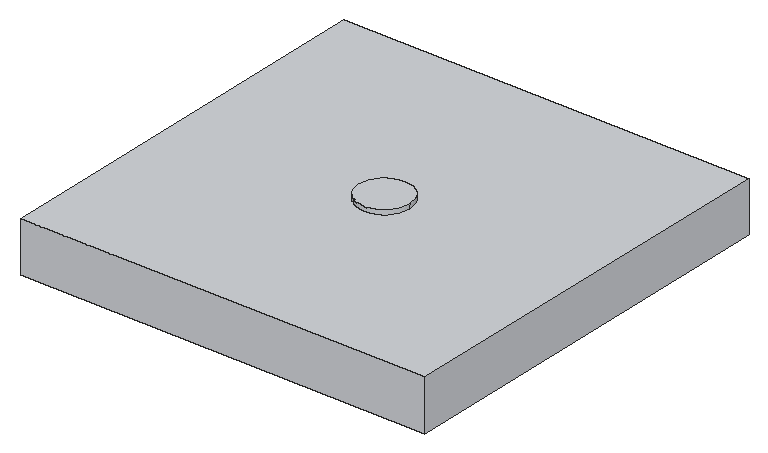
Revit family "M_Relógio", category Dispositivos de comunicação, Revit 2019
Family settings
  Hospedeiro = Face
  Manter orientação da anotação = Sim
  Cota do conector redondo = Utilizar diâmetro
  Tipo de parte = Normal
  Número OmniClass = 23.85.10.00
  Título OmniClass = General Information Systems
  ID de item do Seek = Clock-0000-CAN-ENU
  Corte com vazios quando carregada = Não
  Compartilhado = Não
  Ponto de cálculo do ambiente = Não
Parameters (values of type "Padrão")
  Raio = Diâmetro * 0.5  # 152.5 mm
  Comprimento 1 = 25 mm
  Diâmetro = 305 mm
  Elevação-padrão = 1200 mm
Reference planes
  plane 1 "Centro (Frente/Trás)": y = 0
  plane 2: z = 0
  plane 3 "Centro (Esquerda/Direita)": x = 0
  plane 4: z = 25
  plane 5: x = -152.5
  plane 6: x = 152.5
Forms (mm)
  Extrusion 1, solid
    sketch origin (0, 0, 0) x (1, 0, 0) y (0, 1, 0)
      loop
        line (-1219.2, 1219.2) -> (-1219.2, -1219.2) -> (1219.2, -1219.2) -> (1219.2, 1219.2) -> (-1219.2, 1219.2)
    from 0 to -304.8
  Extrusion 2, solid
    sketch origin (0, 0, 0) x (1, 0, 0) y (0, 1, 0)
      loop
        circle (0, 0) r 152.5
    from 0 to 25
Lines and regions (mm)
  symbolic lines, detail levels fine
    curve 1: line (-152.5, 0, 25) -> (152.5, 0, 25)
    curve 2: line (-152.5, 0, 0) -> (-152.5, 0, 25)
    curve 3: line (152.5, 0, 0) -> (-152.5, 0, 0)
    curve 4: line (152.5, 0, 25) -> (152.5, 0, 0)
Dimensions and locks
  "Comprimento 1": plane 4 to plane 2
  equal spacing: plane 6, plane 3 "Centro (Esquerda/Direita)", plane 5
  "Raio": plane 3 "Centro (Esquerda/Direita)" to plane 5
  "Raio": radius of Extrusion 2 sketch curve
  aligned and locked: plane 2 to Extrusion 1
  aligned and locked: level to Extrusion 1
  aligned and locked: plane 1 "Centro (Frente/Trás)" to Extrusion 2 sketch curve
  aligned and locked: plane 3 "Centro (Esquerda/Direita)" to Extrusion 2 sketch curve
  aligned and locked: plane 4 to Extrusion 2
  aligned and locked: Extrusion 2 to plane 2
  aligned and locked: plane 1 "Centro (Frente/Trás)" to nested 1
  aligned and locked: plane 3 "Centro (Esquerda/Direita)" to nested 1
  aligned and locked: curve 1 to plane 4
  aligned and locked: plane 2 to curve 3
  aligned and locked: plane 5 to curve 2
  aligned and locked: curve 4 to plane 6
Automatic sketch dimensions
  Extrusion 1 sketch curve to Extrusion 1 sketch curve = 2438.4 mm  (x2)
Nested families
  nested 1: "M_Anotação do relógio" at (0, 0, 0), type "Anotação do relógio", detail levels coarse+medium
Connectors
  electrical at (0, 0, 0)
    settings: on Extrusion 2, index 1, voltage 0 V, apparent load 0 VA, apparent load phase1 0 VA, apparent load phase2 0 VA, apparent load phase3 0 VA, power factor 1, load classification "Outros", number of poles 1, system type 14, power factor state 1, is connector primary yes, connector utility no, sub classification motor no, connector description ""
Definition of nested family "M_Anotação do relógio"
  Parameters
    Anotação de legenda = "C"
  Reference planes
    plane 1: y = 0
    plane 2: x = 0
  Lines and regions (mm)
    reference lines
      curve 1: line (-6.856, 3.969, 0) -> (8.926, 3.969, 0)
      curve 2: line (-9.435, 1.588, 0) -> (9.615, 1.588, 0)
      curve 4: line (-0.992, 6.227, 0) -> (-0.992, -4.698, 0)
      curve 5: line (0.992, 6.876, 0) -> (0.992, -5.197, 0)
    detail lines
      curve 3: circle (0, 3.969, 0) r 2.381 normal (0, 0, 1)
      curve 6: line (0, 1.588, 0) -> (0, 0, 0)
      curve 7: line (-0.992, 0, 0) -> (0.992, 0, 0)
  Text (mm)
    label "C" at (-1.266, 3.959, 0), shows "Anotação de legenda"
  Dimensions and locks
    locked: curve 2 to curve 1 at 2.381
    locked: plane 1 to curve 2 at 1.588
    locked: curve 4 to plane 2 at 0.992
    locked: plane 2 to curve 5 at 0.992
    radius of curve 3 = 2.381 mm
    aligned and locked: plane 2 to curve 3
    aligned and locked: curve 1 to curve 3
    aligned and locked: curve 2 to curve 6
    aligned and locked: plane 1 to curve 6
    aligned and locked: curve 6 to plane 2
    aligned and locked: curve 5 to curve 7
    aligned and locked: curve 4 to curve 7
    aligned and locked: plane 1 to curve 7
